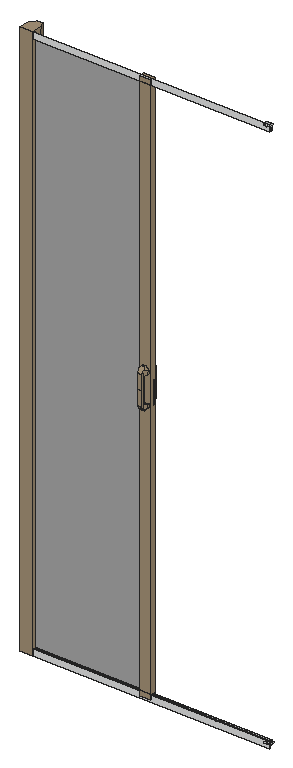
Revit family "Screen_Door_LegacySeries_PhantomScreen", category Doors, host Wall, Revit 2017
Family settings
  Host = Wall
  OmniClass Number = 23.30.60.21
  OmniClass Title = Insect Screens
  Always vertical = Yes
  Cut with Voids When Loaded = No
  Shared = No
  Room Calculation Point = No
Parameters (values of type "Type as Specified")
  URL = "http://www.phantomscreens.com/"
  Track Height = 0' - 0.931"
  Track Depth = 0' - 0.511"
  Specification = "http://www.phantomscreens.com/architects-designers/specifications-binder/"
  Slide Bar Width = 0' - 1.732"
  Slide Bar Depth = 0' - 0.866"
  Slide Bar = Dark Knotty Pine
  Sill Height = 0' - 1"
  Sill Depth = 0' - 1.54384"
  Sill [instance] = no
  Screen Thickness = 0' - 0 1/32"
  Screen = Phifer 20/20 Insect Mesh – Gray
  Sales Information = "http://www.phantomscreens.com/support/"
  Revision = "R1_08-2016"
  Product Properties = "http://www.phantomscreens.com/drive/uploads/2015/03/Legacy-Door-Design-Spec-Assembled-View.pdf"
  Product Data = "http://www.arcat.com/arcatcos/cos9540/arc40535.html"
  Percent Open [instance] = 50
  Model = "Legacy Series"
  Manufacturer Website = "http://www.phantomscreens.com/"
  Manufacturer Phone - Toll Free = ""
  Manufacturer Phone = "604-855-3654"
  Manufacturer Fax = "604-855-7834"
  Manufacturer Address = "30451 Simpson Rd.; Abbotsford; BC; Canada V2T 6C7"
  Manufacturer = "Phantom Screens"
  Keynote = "08 11 00"
  Installation-Fabrication = "http://www.phantomscreens.com/architects-designers/options/"
  Housing Width = 0' - 1 7/8"
  Housing Depth = 0' - 2 49/64"
  Handle Width = 0' - 1.266"
  Handle Height = 0' - 6.031"
  Handle Depth = 0' - 0 109/128"
  Function = Interior
  Height [instance] = 7' - 0"
  Wall Closure = By host
  Width [instance] = 3' - 0"
  Drawn By = "Sumex Design - Robert S Weygant"
  Door Opening [instance] = Width * (Percent Open / 100)  # 1' - 6"
  Description = "Phantom Screens Legacy Series Screen"
  Copyright = "� 2016 ARCAT Inc."
  Construction Details = "http://www.arcat.com/details/phantoms/95prod3445.html"
  Assembly Code = "B2020400"
  Aluminum Track = Aluminum - Flat
  Aluminum Housing = Dark Knotty Pine
Reference planes (in)
  plane 1 "Center (Front/Back)": y = 0
  plane 2 "Center (Left/Right)": x = -7.25
  plane 3 "Top": z = 84
  plane 4 "Exterior": y = 2.96884
  plane 5 "Interior": y = -3.03116
  plane 6: x = -27.125
  plane 7: z = 84.931
  plane 8: z = 0.931
  plane 9: y = 3.47984
  plane 10: y = 3.83484
  plane 11: y = 3.44859
  plane 12: x = -8.982
  plane 13 "Track Bar": x = -7.25
  plane 14: x = -25.25
  plane 15: y = 3.41734
  plane 16: y = 4.71756
  plane 17: x = 10.75
  plane 18: z = 1
  plane 19: y = 3.29405
  plane 20: y = 1.425
  plane 21: z = 42.5
  plane 22: z = 45.5155
  plane 23: z = 39.4845
  plane 24 "Handle Placement": x = -8.24596
  plane 25: x = 9.96875
  plane 26: y = 3.55502
  plane 27: y = 2.96884
  plane 28: y = 3.375
  plane 29: y = 5.48446
Forms (in)
  Extrusion 1, solid, material "Dark Knotty Pine" <- "Aluminum Housing"
    sketch origin (0, 0, 0) x (1, 0, 0) y (0, 1, 0)
      loop
        line (-27.125, 2.96884) -> (-25.25, 2.96884) -> (-25.25, 4.6231) -> (-25.74731, 5.48446) -> (-26.1875, 5.48446) -> (-26.66701, 5.48446) -> (-27.125, 4.6231) -> (-27.125, 2.96884)
    from 0 to 84.931
  Extrusion 2, solid, material "Dark Knotty Pine" <- "Slide Bar"
    sketch origin (0, 0, 0) x (1, 0, 0) y (0, 1, 0)
      loop
        line (-8.982, 3.83484) -> (-8.982, 2.96884) -> (-7.25, 2.96884) -> (-7.25, 3.64791) -> (-7.47277, 3.83484) -> (-8.982, 3.83484)
    from 1 to 84
  Extrusion 3, solid, material "Phifer 20/20 Insect Mesh – Gray" <- "Screen"
    sketch origin (0, 0, 0) x (1, 0, 0) y (0, 1, 0)
      loop
        line (-25.25, 3.44859) -> (-25.25, 3.41734) -> (-8.982, 3.41734) -> (-8.982, 3.44859) -> (-25.25, 3.44859)
    from 0.931 to 84
  Extrusion 4, solid, material "Aluminum - Flat" <- "Aluminum Track", visible <- "Sill"
    sketch origin (-7.25, 0, 0) x (0, 1, 0) y (0, 0, 1)
      loop
        line (1.44844, 1) -> (1.44844, 0.931) -> (2.91584, 0.86535) -> (2.91584, 0) -> (3.44078, 0) -> (3.44078, 0.08471) -> (2.99228, 0.08471) -> (2.99228, 0.931) -> (1.44844, 1)
    from -18 to 18
  Extrusion 5, solid, material "Aluminum - Flat"
    sketch origin (-7.25, 0, 0) x (0, 1, 0) y (0, 0, 1)
      loop
        line (3.47984, 84) -> (3.47984, 84.6095) -> (3.09384, 84.6095) -> (3.09384, 84.931) -> (2.96884, 84.931) -> (2.96884, 84) -> (3.09384, 84) -> (3.09384, 84.488) -> (3.35484, 84.488) -> (3.35484, 84) -> (3.47984, 84)
    from -18 to 18
  Extrusion 6, solid, material "Aluminum - Flat"
    sketch origin (-7.25, 0, 0) x (0, 1, 0) y (0, 0, 1)
      loop
        line (3.47984, 0.931) -> (3.35484, 0.931) -> (3.35484, 0.4365) -> (3.09384, 0.4365) -> (3.09384, 0.931) -> (2.96884, 0.931) -> (2.96884, 0) -> (3.09384, 0) -> (3.09384, 0.315) -> (3.47984, 0.315) -> (3.47984, 0.931)
    from -18 to 18
Text (in)
  text "Exterior" at (-62.02911, 27.31104, 0), in view "Ref. Level"
  text "Interior" at (-62.02911, -25.14366, 0), in view "Ref. Level"
  text "Exterior" at (0, 40.15149, 123.01588), in view "Right"
  text "Interior" at (0, -64.39139, 123.01588), in view "Right"
  text "Interior" at (0, -31.01599, 123.00693), in view "Left"
  text "Exterior" at (0, 54.57065, 123.00693), in view "Left"
Dimensions and locks (in)
  "Height": level to plane 3 "Top"
  "Track Height": plane 3 "Top" to plane 7
  "Track Height": level to plane 8
  "Track Depth": plane 9 to plane 4 "Exterior"
  "Slide Bar Depth": plane 10 to plane 4 "Exterior"
  "Screen Thickness": plane 9 to plane 11
  "Slide Bar Width": plane 12 to plane 13 "Track Bar"
  equal spacing: plane 14, plane 2 "Center (Left/Right)", plane 17
  "Screen Thickness": plane 15 to plane 11
  "Width": plane 14 to plane 17
  "Housing Width": plane 6 to plane 14
  "Door Opening": plane 13 "Track Bar" to plane 17
  "Sill Height": level to plane 18
  "Sill Depth": plane 4 "Exterior" to plane 20
  equal spacing: plane 22, plane 21, plane 23
  "Handle Height": plane 23 to plane 22
  locked: plane 13 "Track Bar" to plane 24 "Handle Placement" at 0.99596
  locked: plane 26 to plane 19 at 0.26097
  locked: plane 29 to host wall at 5.51563
  aligned and locked: plane 4 "Exterior" to host wall
  aligned and locked: plane 5 "Interior" to host wall
  aligned and locked: plane 6 to Extrusion 1 sketch curve
  aligned and locked: Extrusion 1 to level
  aligned and locked: Extrusion 1 to plane 7
  aligned and locked: plane 7 to Extrusion 1
  aligned and locked: plane 10 to Extrusion 2 sketch curve
  aligned and locked: plane 12 to Extrusion 2 sketch curve
  aligned and locked: Extrusion 2 sketch curve to plane 4 "Exterior"
  aligned and locked: Extrusion 2 sketch curve to plane 13 "Track Bar"
  aligned and locked: Extrusion 2 to plane 3 "Top"
  aligned and locked: plane 11 to Extrusion 3 sketch curve
  aligned and locked: Extrusion 3 sketch curve to plane 14
  aligned and locked: plane 15 to Extrusion 3 sketch curve
  aligned and locked: Extrusion 3 sketch curve to plane 12
  aligned and locked: Extrusion 3 to plane 3 "Top"
  aligned and locked: Extrusion 1 sketch curve to plane 4 "Exterior"
  aligned and locked: plane 18 to Extrusion 2
  aligned and locked: plane 24 "Handle Placement" to nested 1
  aligned and locked: Extrusion 2 to plane 10
  aligned and locked: nested 2 to plane 24 "Handle Placement"
  aligned and locked: nested 2 to Extrusion 2
  aligned and locked: nested 1 to plane 22
  aligned and locked: nested 2 to plane 23
  aligned and locked: plane 10 to nested 1
  aligned and locked: plane 3 "Top" to Extrusion 5 sketch curve
  aligned and locked: Extrusion 5 sketch curve to plane 7
  aligned and locked: plane 8 to Extrusion 6 sketch curve  (x2)
  aligned and locked: Extrusion 6 sketch curve to Extrusion 1
  aligned and locked: Extrusion 6 to plane 17
  aligned and locked: Extrusion 5 to plane 17
  aligned and locked: plane 14 to Extrusion 5
  aligned and locked: plane 14 to Extrusion 6
  aligned and locked: Extrusion 4 to plane 17
  aligned and locked: plane 14 to Extrusion 4
  aligned and locked: plane 27 to host wall
  aligned and locked: plane 4 "Exterior" to nested 4
  aligned and locked: nested 4 to Extrusion 6
  aligned and locked: nested 5 to plane 12
  aligned and locked: nested 5 to plane 13 "Track Bar"
  aligned and locked: plane 3 "Top" to nested 5
  aligned and locked: Extrusion 2 to plane 12
  aligned and locked: plane 13 "Track Bar" to Extrusion 2
  aligned and locked: nested 6 to Extrusion 2
  aligned and locked: nested 6 to plane 12
  aligned and locked: nested 6 to plane 10
  aligned and locked: plane 4 "Exterior" to nested 6
  aligned and locked: nested 5 to plane 10
  aligned and locked: plane 4 "Exterior" to nested 5
  aligned and locked: plane 4 "Exterior" to nested 3
  aligned and locked: plane 29 to Extrusion 1  (x2)
Automatic sketch dimensions
  Extrusion 2 sketch curve to plane 9 = 0' - 0.16807"
  Extrusion 2 sketch curve to Extrusion 2 sketch curve = 0' - 0.22277"
  plane 8 to Extrusion 4 sketch curve = 0' - 0"  (x2)
  plane 18 to Extrusion 4 sketch curve = 0' - 0"
  Extrusion 4 sketch curve to level = 0' - 0"
  plane 20 to Extrusion 4 sketch curve = 0' - 0 3/128"
  Extrusion 4 sketch curve to host wall = 0' - 0.053"
  host wall to Extrusion 4 sketch curve = 0' - 0 3/128"
  plane 11 to Extrusion 4 sketch curve = 0' - 0 1/128"
  level to Extrusion 4 sketch curve = 0' - 0.08471"
  plane 8 to Extrusion 4 sketch curve = 0' - 0.06565"
  Extrusion 5 sketch curve to Extrusion 5 sketch curve = 0' - 0 1/8"
  Extrusion 5 sketch curve to Extrusion 5 sketch curve = 0' - 0.1215"
  Extrusion 5 sketch curve to Extrusion 5 sketch curve = 0' - 0.3215"
  Extrusion 5 sketch curve to plane 9 = 0' - 0"
  Extrusion 5 sketch curve to plane 15 = 0' - 0 1/16"
  Extrusion 5 sketch curve to host wall = 0' - 0"
  Extrusion 5 sketch curve to Extrusion 5 sketch curve = 0' - 0"
  Extrusion 6 sketch curve to host wall = 0' - 0"
  Extrusion 6 sketch curve to plane 9 = 0' - 0"
  host wall to Extrusion 6 sketch curve = 0' - 0 1/8"
  Extrusion 6 sketch curve to Extrusion 6 sketch curve = 0' - 0"
  Extrusion 6 sketch curve to plane 15 = 0' - 0 1/16"
  level to Extrusion 6 sketch curve = 0' - 0.315"
  Extrusion 6 sketch curve to Extrusion 6 sketch curve = 0' - 0.1215"
  plane 3 "Top" to Extrusion 5 sketch curve = 0' - 0"
  Extrusion 1 sketch curve to plane 14 = 0' - 0"
  plane 6 to Extrusion 1 sketch curve = 0' - 0 15/16"
  plane 16 to Extrusion 1 sketch curve = 0' - 0.09446"  (x2)
  plane 6 to Extrusion 1 sketch curve = 0' - 0.45799"
  Extrusion 1 sketch curve to Extrusion 1 sketch curve = 0' - 0.44019"
  Extrusion 1 sketch curve to plane 29 = 0' - 0"
Nested families (in)
  nested 1: "Family4" at (-8.24596, 4.26062, 42.5) x (-1, 0, 0) z (0, 0, 1), type "Family4"
    with Width 0' - 1.266", Height 0' - 6.031", Depth 0' - 0 109/128"
  nested 2: "Family4" at (-8.24596, 2.54306, 42.5), type "Family4"
    with Width 0' - 1.266", Height 0' - 6.031", Depth 0' - 0 109/128"
  nested 3: "Track Latch Family" at (10.35937, 3.34384, 84.55481) x (-1, 0, 0) z (0, 0, 1), type "Track Latch Family"
  nested 4: "Lower Track Latch" at (10.35937, 3.33538, 0.4365) x (-1, 0, 0) z (0, 0, 1), type "Lower Track Latch"
  nested 5: "End Caps" at (-8.21484, 3.14023, 84), type "End Caps"
  nested 6: "End Caps" at (-8.21484, 3.14023, 0.25), type "End Caps"
Definition of nested family "Family4"
  Parameters
    Width = 0' - 1 1/2"
    Height = 0' - 6 1/32"
    Handle = none
    Depth = 0' - 1"
  Reference planes (in)
    plane 1 "Center (Front/Back)": y = 0
    plane 2: z = 0
    plane 3 "Center (Left/Right)": x = 0
    plane 4: y = 0.5
    plane 5: x = 0.75
    plane 6: y = -0.5
    plane 7: x = -0.75
    plane 8: z = 3.01562
    plane 9: z = -3.01563
  Forms (in)
    Extrusion 1, solid, material <- "Handle"
      sketch origin (0, 0, 0) x (0, 1, 0) y (0, 0, 1)
        loop
          line (0.5, 3.01562) -> (0.25, 3.01562) -> (-0.5, 2.26562) -> (-0.5, 0) -> (-0.5, -2.26563) -> (0.25, -3.01563) -> (0.5, -3.01563) -> (0.5, -2.01563) -> (0, -2.01563) -> (-0.17678, -1.83885) -> (-0.17678, 0) -> (-0.17678, 1.83885) -> (0, 2.01562) -> (0.5, 2.01562) -> (0.5, 3.01562)
      from -0.75 to 0.75
    Extrusion 2, void
      sketch origin (0, 0, 0) x (1, 0, 0) y (0, 1, 0)
        loop
          line (-0.75, 0.25) -> (-0.75, -0.5) -> (-0.32322, -0.5) -> (-0.32322, -0.25861) -> (-0.75, 0.25)
        loop
          line (0.32322, -0.25861) -> (0.32322, -0.5) -> (0.75, -0.5) -> (0.75, 0.25) -> (0.32322, -0.25861)
      from -3.01562 to 3.01562
    Extrusion 3, void
      sketch origin (0, 0, 0) x (1, 0, 0) y (0, 0, 1)
        loop
          line (-0.75, 2.51562) -> (-0.25, 3.01562) -> (-0.75, 3.01562) -> (-0.75, 2.51562)
        loop
          line (0.75, 2.51563) -> (0.75, 3.01563) -> (0.25, 3.01563) -> (0.75, 2.51563)
        loop
          line (-0.75, -2.51563) -> (-0.75, -3.01563) -> (-0.25, -3.01563) -> (-0.75, -2.51563)
        loop
          line (0.75, -2.51563) -> (0.25, -3.01563) -> (0.75, -3.01563) -> (0.75, -2.51563)
      from -0.5 to 0.5
  Cuts and joins
    Extrusion 2, Extrusion 3 cuts Extrusion 1
  Dimensions and locks (in)
    equal spacing: plane 7, plane 3 "Center (Left/Right)", plane 5
    equal spacing: plane 6, plane 1 "Center (Front/Back)", plane 4
    "Depth": plane 6 to plane 4
    "Width": plane 7 to plane 5
    equal spacing: plane 8, level, plane 9
    "Height": plane 8 to plane 9
    plane 1 "Center (Front/Back)" to Extrusion 1 = 0' - 0 1/2"
    aligned and locked: plane 2 to level
    aligned and locked: plane 7 to Extrusion 1
    aligned and locked: plane 5 to Extrusion 1
    aligned and locked: Extrusion 2 sketch curve to plane 6
    aligned and locked: plane 6 to Extrusion 2 sketch curve
    aligned and locked: plane 5 to Extrusion 2 sketch curve
    aligned and locked: Extrusion 2 sketch curve to plane 7
    aligned and locked: Extrusion 2 to plane 9
    aligned and locked: plane 8 to Extrusion 2
    aligned and locked: plane 4 to Extrusion 3
    aligned and locked: plane 6 to Extrusion 3
  Automatic sketch dimensions
    Extrusion 1 sketch curve to level = 0' - 0"  (x2)
    Extrusion 1 sketch curve to plane 1 "Center (Front/Back)" = 0' - 0"  (x2)
    Extrusion 1 sketch curve to plane 8 = 0' - 0"
    Extrusion 1 sketch curve to plane 4 = 0' - 0"  (x2)
    plane 1 "Center (Front/Back)" to Extrusion 1 sketch curve = 0' - 0.17678"
    Extrusion 1 sketch curve to Extrusion 1 sketch curve = 0' - 0 1/4"
    Extrusion 1 sketch curve to Extrusion 1 sketch curve = 0' - 1"
    Extrusion 1 sketch curve to Extrusion 1 sketch curve = 0' - 0.17678"  (x2)
    Extrusion 1 sketch curve to plane 8 = 0' - 1.17678"
    Extrusion 1 sketch curve to Extrusion 1 sketch curve = 0' - 0.42678"
    Extrusion 1 sketch curve to plane 9 = 0' - 0"
    Extrusion 1 sketch curve to plane 1 "Center (Front/Back)" = 0' - 0 1/4"
    plane 9 to Extrusion 1 sketch curve = 0' - 0 3/4"
    Extrusion 1 sketch curve to plane 6 = 0' - 0"
    Extrusion 2 sketch curve to plane 3 "Center (Left/Right)" = 0' - 0.32322"
    plane 3 "Center (Left/Right)" to Extrusion 2 sketch curve = 0' - 0.32322"
    plane 1 "Center (Front/Back)" to Extrusion 2 sketch curve = 0' - 0.25861"
    Extrusion 2 sketch curve to plane 1 "Center (Front/Back)" = 0' - 0 1/4"  (x2)
    Extrusion 2 sketch curve to Extrusion 2 sketch curve = 0' - 0.24139"
    plane 7 to Extrusion 3 sketch curve = 0' - 0"  (x2)
    Extrusion 3 sketch curve to plane 8 = 0' - 0"  (x2)
    Extrusion 3 sketch curve to plane 9 = 0' - 0"  (x2)
    Extrusion 3 sketch curve to plane 5 = 0' - 0"  (x2)
    Extrusion 3 sketch curve to plane 3 "Center (Left/Right)" = 0' - 0 1/4"  (x2)
    plane 3 "Center (Left/Right)" to Extrusion 3 sketch curve = 0' - 0 1/4"  (x2)
    plane 9 to Extrusion 3 sketch curve = 0' - 0 1/2"
    Extrusion 3 sketch curve to Extrusion 3 sketch curve = 0' - 0 1/2"
    Extrusion 3 sketch curve to plane 8 = 0' - 0 1/2"  (x2)
Definition of nested family "Track Latch Family"
  Parameters
    Width = 0' - 0 25/32"
    Upper Latch = none
  Reference planes (in)
    plane 1 "Center (Front/Back)": y = 0
    plane 2: z = 0
    plane 3 "Center (Left/Right)": x = 0
    plane 4: z = 0.34375
    plane 5: x = 0.39063
    plane 6: x = -0.39062
    plane 7: y = 0.375
    plane 8: y = -0.375
  Forms (in)
    Extrusion 1, solid, material <- "Upper Latch"
      sketch origin (0, 0, 0.05469) x (1, 0, 0) y (0, 0, 1)
        loop
          line (-0.39062, 0.28906) -> (-0.39062, 0) -> (0.01899, 0) -> (0.01899, -0.0619) -> (0.39063, 0) -> (0.39063, 0.28906) -> (-0.39062, 0.28906)
      from -0.375 to 0.375
    Extrusion 2, void
      sketch origin (0, 0, 0) x (0, 1, 0) y (0, 0, 1)
        loop
          arc (-0.375, 0.09707) -> (-0.2114, 0.25673) -> (0, 0.34375) r 0.60095
          line (0, 0.34375) -> (-0.375, 0.34375) -> (-0.375, 0.09707)
      from -0.39062 to 0.39062
    Extrusion 3, void
      sketch origin (0, 0, 0) x (1, 0, 0) y (0, 0, 1)
        loop
          line (-0.32812, 0.34375) -> (-0.32812, 0.13527) -> (-0.07812, 0.13527) -> (-0.07812, 0.34375) -> (-0.32812, 0.34375)
        loop
          line (0.0373, 0.34375) -> (0.0373, 0.13527) -> (0.28915, 0.13527) -> (0.28915, 0.34375) -> (0.0373, 0.34375)
      from -0.28879 to 0.375
  Cuts and joins
    Extrusion 2, Extrusion 3 cuts Extrusion 1
  Dimensions and locks (in)
    equal spacing: plane 5, plane 3 "Center (Left/Right)", plane 6
    "Width": plane 5 to plane 6
    equal spacing: plane 7, plane 1 "Center (Front/Back)", plane 8
    plane 7 to plane 8 = 0' - 0 3/4"
    aligned and locked: plane 2 to level
    aligned and locked: plane 7 to Extrusion 1
    aligned and locked: Extrusion 1 to plane 8
    aligned and locked: Extrusion 2 to plane 6
    aligned and locked: plane 5 to Extrusion 2
    aligned and locked: Extrusion 1 to Extrusion 3
  Automatic sketch dimensions
    Extrusion 1 sketch curve to plane 6 = 0' - 0"
    level to Extrusion 1 sketch curve = 0' - 0 7/128"  (x2)
    Extrusion 1 sketch curve to plane 5 = 0' - 0"
    plane 3 "Center (Left/Right)" to Extrusion 1 sketch curve = 0' - 0.01899"
    plane 4 to Extrusion 1 sketch curve = 0' - 0"
    Extrusion 1 sketch curve to level = 0' - 0.00721"
    Extrusion 2 sketch curve to plane 8 = 0' - 0"
    Extrusion 2 sketch curve to plane 1 "Center (Front/Back)" = 0' - 0"
    Extrusion 2 sketch curve to plane 4 = 0' - 0"
    Extrusion 2 sketch curve to plane 1 "Center (Front/Back)" = 0' - 0.11887"
    level to Extrusion 2 sketch curve = 0' - 0.09707"
    Extrusion 3 sketch curve to plane 4 = 0' - 0"  (x2)
    plane 6 to Extrusion 3 sketch curve = 0' - 0 1/16"
    Extrusion 3 sketch curve to plane 3 "Center (Left/Right)" = 0' - 0 5/64"
    plane 3 "Center (Left/Right)" to Extrusion 3 sketch curve = 0' - 0.0373"
    Extrusion 3 sketch curve to plane 5 = 0' - 0.10148"
    level to Extrusion 3 sketch curve = 0' - 0.13527"
    Extrusion 3 sketch curve to Extrusion 3 sketch curve = 0' - 0"
Definition of nested family "Lower Track Latch"
  Parameters
    Lower Latch = none
  Reference planes (in)
    plane 1 "Center (Front/Back)": y = 0
    plane 2: z = 0
    plane 3 "Center (Left/Right)": x = 0
    plane 4: z = 0.31094
    plane 5: x = -0.42075
    plane 6: x = 0.43863
    plane 7: y = -0.36654
    plane 8: y = 0.36654
  Forms (in)
    Extrusion 1, solid, material <- "Lower Latch"
      sketch origin (0, 0, 0) x (1, 0, 0) y (0, 0, 1)
        loop
          line (-0.42075, 0) -> (0.43863, 0) -> (0.43863, 0.12882) -> (0, 0.31094) -> (0, 0.12882) -> (-0.42075, 0.12882) -> (-0.42075, 0)
      from -0.36654 to 0.36654
  Dimensions and locks (in)
    plane 6 to plane 5 = 0' - 0 55/64"
    plane 6 to plane 3 "Center (Left/Right)" to plane 5 = 0' - 0.43863", 0' - 0.42075"
    plane 8 to plane 7 = 0' - 0.73308"
    equal spacing: plane 8, plane 1 "Center (Front/Back)", plane 7
    aligned and locked: plane 2 to level
    aligned and locked: Extrusion 1 to plane 3 "Center (Left/Right)"
    aligned and locked: Extrusion 1 to plane 5
    aligned and locked: plane 6 to Extrusion 1
    aligned and locked: Extrusion 1 to level
    aligned and locked: Extrusion 1 to plane 8
    aligned and locked: plane 7 to Extrusion 1
  Automatic sketch dimensions
    Extrusion 1 sketch curve to plane 5 = 0' - 0"
    Extrusion 1 sketch curve to plane 3 "Center (Left/Right)" = 0' - 0"
    Extrusion 1 sketch curve to plane 6 = 0' - 0"
    Extrusion 1 sketch curve to level = 0' - 0"
    Extrusion 1 sketch curve to plane 4 = 0' - 0"
    level to Extrusion 1 sketch curve = 0' - 0.12882"  (x2)
Definition of nested family "End Caps"
  Parameters
    End Caps = none
  Reference planes (in)
    plane 1 "Center (Front/Back)": y = 0
    plane 2: z = 0
    plane 3 "Center (Left/Right)": x = 0
    plane 4: y = 0.6946
    plane 5: x = 0.96484
    plane 6: y = -0.1714
    plane 7: x = -0.76716
    plane 8: z = 0.75
  Forms (in)
    Extrusion 1, solid, material <- "End Caps"
      sketch origin (0, 0, 0) x (1, 0, 0) y (0, 1, 0)
        loop
          line (-0.76716, 0.6946) -> (-0.76716, -0.1714) -> (0.96484, -0.1714) -> (0.96484, 0.47651) -> (0.70493, 0.6946) -> (-0.76716, 0.6946)
      from 0 to 0.75
  Lines and regions (in)
    model lines
      curve 1: line (-0.76716, 0.6946, 0) -> (0.70493, 0.6946, 0)
      curve 2: line (-0.76716, -0.1714, 0) -> (-0.76716, 0.6946, 0)
      curve 3: line (0.96484, -0.1714, 0) -> (-0.76716, -0.1714, 0)
      curve 4: line (0.96484, 0.47651, 0) -> (0.96484, -0.1714, 0)
      curve 5: line (0.96484, 0.47651, 0) -> (0.70493, 0.6946, 0)
  Dimensions and locks (in)
    aligned and locked: plane 2 to level
    aligned and locked: plane 8 to Extrusion 1
